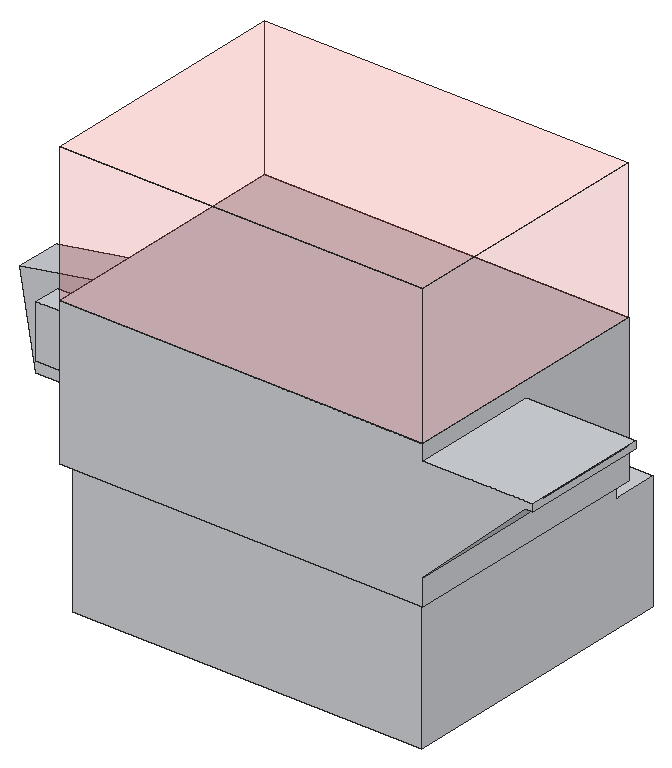
Revit family
Parameters (values of type "277 V Single Phase")
  Weight Scheduled [instance] = 185  # constant formula
  Voltage Workaround = Voltage / 1 V  # 277
  Voltage Scheduled = Voltage  # 277 V
  Voltage = 277 V
  VoltAmps Workaround [instance] = Voltage Workaround * Total FLA * sqrt(Phase)  # 664.8
  VoltAmps [instance] = VoltAmps Workaround * 1 VA  # 664.8 VA
  URL = "http://www.renewaire.com/_assets/files/SubmittalForms/EV450RTSubmittal.pdf"
  Total FLA [instance] = Supply Motor FLA  # 2.4
  Supply Motor RPM Scheduled [instance] = 0
  Supply Motor HP Scheduled [instance] = Supply Motor HP  # 0.6
  Supply Motor HP [instance] = if(or(Phase = 1, Phase = 2), 0.6, if(Phase = 3, 0.5, 0))  # 0.6
  Supply Motor FLA [instance] = if(and(Voltage = 115 V, Phase = 1), 7, if(and(or(Voltage = 208 V, Voltage = 230 V), Phase = 1), 3.5, if(and(Voltage = 277 V, Phase = 1), 2.4, if(and(or(Voltage = 208 V, Voltage = 230 V), Phase = 3), 1.7, if(and(Voltage = 460 V, Phase = 3), 0.8, 0)))))  # 2.4
  Supply Motor Count Scheduled [instance] = Supply Motor Count  # 1
  Supply Motor Count [instance] = 1  # constant formula
  Supply Motor BHP [instance] = if(Supply CFM < 241 CFM, if(Phase = 1, 0.569, if(Phase = 3, 0.325, 0)), if(Supply CFM < 339 CFM, if(Phase = 1, 0.635, if(Phase = 3, 0.419, 0)), if(Supply CFM < 381 CFM, if(Phase = 1, 0.664, if(Phase = 3, 0.462, 0)), if(Supply CFM < 451 CFM, if(Phase = 1, 0.715, if(Phase = 3, 0.552, 0)), if(Supply CFM < 501 CFM, if(Phase = 1, 0.754, if(Phase = 3, 0.617, 0)), if(Supply CFM < 551 CFM, if(Phase = 1, 0.794, if(Phase = 3, 0.691, 0)), if(Supply CFM < 601 CFM, if(Phase = 1, 0.834, if(Phase = 3, 0.766, 0)), 0)))))))  # 0.569
  Supply ESP Scheduled [instance] = Supply ESP  # 1
  Supply ESP [instance] = if(Supply CFM < 241 CFM, 1, if(Supply CFM < 339 CFM, 0.85, if(Supply CFM < 381 CFM, 0.75, if(Supply CFM < 451 CFM, 0.5, if(Supply CFM < 501 CFM, 0.25, if(Supply CFM < 551 CFM, 0, if(Supply CFM < 601 CFM, -0.25, 0)))))))  # 1
  Supply CFM Scheduled [instance] = Supply CFM  # 0 CFM
  Supply CFM [instance] = 0 CFM
  Supply Air Winter RH Scheduled [instance] = 0
  Supply Air Winter DB Scheduled [instance] = 0
  Supply Air Summer RH Scheduled [instance] = 0
  Supply Air Summer DB Scheduled [instance] = 0
  Phase Scheduled = Phase  # 1
  Phase = 1
  Outside Air Winter RH Scheduled [instance] = 0
  Outside Air Winter DB Scheduled [instance] = 0
  Outside Air Summer RH Scheduled [instance] = 0
  Outside Air Summer DB Scheduled [instance] = 0
  Number of Poles = 1
  Model = "EV450RTH"
  Manufacturer = "RenewAire"
  MOCP Scheduled [instance] = 0
  MCA Scheduled [instance] = 0
  FLA Scheduled [instance] = Total FLA  # 2.4
  Exhaust RH Scheduled [instance] = 0
  Exhaust Motor RPM Scheduled [instance] = 0
  Exhaust Motor HP Scheduled [instance] = 0
  Exhaust Motor Count Scheduled [instance] = 0
  Exhaust ESP Scheduled [instance] = Exhaust ESP  # 1
  Exhaust ESP [instance] = Supply ESP  # 1
  Exhaust DB Scheduled [instance] = 0
  Exhaust CFM Scheduled [instance] = Exhaust CFM  # 0 CFM
  Exhaust CFM [instance] = 0 CFM
  Enthalpy Effect Winter Scheduled [instance] = if(Supply CFM < 241 CFM, 75, if(Supply CFM < 339 CFM, 71, if(Supply CFM < 381 CFM, 69, if(Supply CFM < 451 CFM, 66, if(Supply CFM < 501 CFM, 64, if(Supply CFM < 551 CFM, 62, if(Supply CFM < 601 CFM, 60, 0)))))))  # 75
  Enthalpy Effect Summer Scheduled [instance] = if(Supply CFM < 241 CFM, 66, if(Supply CFM < 339 CFM, 61, if(Supply CFM < 381 CFM, 59, if(Supply CFM < 451 CFM, 56, if(Supply CFM < 501 CFM, 54, if(Supply CFM < 551 CFM, 52, if(Supply CFM < 601 CFM, 50, 0)))))))  # 66
Types (8): name | Voltage Workaround | Voltage Scheduled | Voltage | VoltAmps Workaround | VoltAmps | Total FLA | Supply Motor HP Scheduled | Supply Motor HP | Supply Motor FLA | Supply Motor BHP | Phase Scheduled | Phase | Number of Poles | FLA Scheduled
  (no name) | 277 | 277 V | 277 V | 664.8 | 664.8 VA | 2.4 | 0.6 | 0.6 | 2.4 | 0.569 | 1 | 1 | 1 | 2.4
  208 V Single Phase | 208 | 208 V | 208 V | 728 | 728 VA | 3.5 | 0.6 | 0.6 | 3.5 | 0.569 | 1 | 1 | 2 | 3.5
  230 V Single Phase | 230 | 230 V | 230 V | 805 | 805 VA | 3.5 | 0.6 | 0.6 | 3.5 | 0.569 | 1 | 1 | 2 | 3.5
  115 V Single Phase | 115 | 115 V | 115 V | 805 | 805 VA | 7 | 0.6 | 0.6 | 7 | 0.569 | 1 | 1 | 1 | 7
  277 V Single Phase | 277 | 277 V | 277 V | 664.8 | 664.8 VA | 2.4 | 0.6 | 0.6 | 2.4 | 0.569 | 1 | 1 | 1 | 2.4
  208 V Three Phase | 208 | 208 V | 208 V | 612.4532 | 612.453 VA | 1.7 | 0.5 | 0.5 | 1.7 | 0.325 | 3 | 3 | 3 | 1.7
  230 V Three Phase | 230 | 230 V | 230 V | 677.2319 | 677.232 VA | 1.7 | 0.5 | 0.5 | 1.7 | 0.325 | 3 | 3 | 3 | 1.7
  460 V Three Phase | 460 | 460 V | 460 V | 637.3947 | 637.395 VA | 0.8 | 0.5 | 0.5 | 0.8 | 0.325 | 3 | 3 | 3 | 0.8
Reference planes (in)
  plane 1 "Center (Front/Back)": y = 0
  plane 2: z = 0
  plane 3 "Center (Left/Right)": x = 0
Forms (in)
  Extrusion 1, solid
    sketch origin (0, 0, 0) x (1, 0, 0) y (0, 1, 0)
      loop
        line (-23.9375, 16.9375) -> (-23.9375, -16.9375) -> (23.9375, -16.9375) -> (23.9375, 16.9375) -> (-23.9375, 16.9375)
    from 17.5 to 36.75
  Extrusion 2, solid
    sketch origin (0, 0, 3.5) x (1, 0, 0) y (0, 0, 1)
      loop
        line (23.9375, 31.25) -> (23.9375, 17.36927) -> (37.4375, 30.25) -> (38.4375, 30.25) -> (38.4375, 31.25) -> (23.9375, 31.25)
    from 0 to 16.9375
  Extrusion 3, solid
    sketch origin (0, 0, 3.5) x (1, 0, 0) y (0, 0, 1)
      loop
        line (-34.21804, 17.25) -> (-23.9375, 17.25) -> (-23.9375, 31.31031) -> (-36.3125, 29.12826) -> (-34.21804, 17.25)
    from 2 to 8
  Extrusion 4, solid
    sketch origin (-4.49885, 47.70678, 0) x (1, 0, 0) y (0, 1, 0)
      loop
        line (-19.43865, -30.76928) -> (-19.43865, -64.64428) -> (28.43635, -64.64428) -> (28.43635, -30.76928) -> (-19.43865, -30.76928)
    from 36.75 to 55
  Extrusion 5, solid
    sketch origin (0, 0, 0) x (0, 1, 0) y (0, 0, 1)
      loop
        line (-15.9375, 17.5) -> (-15.9375, 0) -> (22.0625, 0) -> (22.0625, 15.5) -> (15.9375, 15.5) -> (15.9375, 17.5) -> (-15.9375, 17.5)
    from -23 to 23
  Extrusion 6, solid
    sketch origin (0.125, 0, 19.75) x (1, 0, 0) y (0, 1, 0)
      loop
        line (-23.9375, -14.37485) -> (-23.9375, -10.87485) -> (-29.1875, -10.87485) -> (-29.1875, -14.37485) -> (-23.9375, -14.37485)
    from 7 to 14
Cuts and joins
  joined: Extrusion 1, Extrusion 2, Extrusion 3, Extrusion 5
Lines and regions (in)
  Split face 1
    outline origin (23, 22.0625, 0) x (-1, 0, 0) y (0, 0, 1)
      loop
        line (3.96878, 13.75) -> (3.96878, 1.75) -> (15.96878, 1.75) -> (15.96878, 13.75) -> (3.96878, 13.75)
  Split face 2
    outline origin (23, 22.0625, 0) x (-1, 0, 0) y (0, 0, 1)
      loop
        line (42.03122, 13.75) -> (30.03122, 13.75) -> (30.03122, 1.75) -> (42.03122, 1.75) -> (42.03122, 13.75)
Connectors (in)
  hvac at (13.03122, 22.0625, 7.75), driven by "Exhaust CFM"
    settings: on cut or joined group of Extrusion 1, Extrusion 2, Extrusion 3, Extrusion 5, index 1, duct flow 0 CFM, flow factor 0, pres drop 0.00 in-wg, loss coef 0, conn angle 0.00°, conn width 12", conn height 12", conn radius 12", duct sys type 3, conn prof type 1, flow config 0, flow direction 1, loss method 0, conn ref index -1, conn util no, is conn primary yes, conn desc ""
  hvac at (-13.03122, 22.0625, 7.75), driven by "Supply CFM"
    settings: on cut or joined group of Extrusion 1, Extrusion 2, Extrusion 3, Extrusion 5, index 2, duct flow 0 CFM, flow factor 0, pres drop 0.00 in-wg, loss coef 0, conn angle 0.00°, conn width 12", conn height 12", conn radius 12", duct sys type 1, conn prof type 1, flow config 0, flow direction 2, loss method 0, conn ref index -1, conn util no, is conn primary no, conn desc ""
  electrical at (0, 0, 36.75), driven by "VoltAmps", driven by "Voltage", driven by "Number of Poles"
    settings: on cut or joined group of Extrusion 1, Extrusion 2, Extrusion 3, Extrusion 5, index 3, voltage 277 V, apparent load 664.8 VA, apparent load phase1 0 VA, apparent load phase2 0 VA, apparent load phase3 0 VA, power factor 1, load classification "HVAC", number of poles 1, system type 30, power factor state 1, is connector primary yes, connector utility no, sub classification motor no, connector description ""
